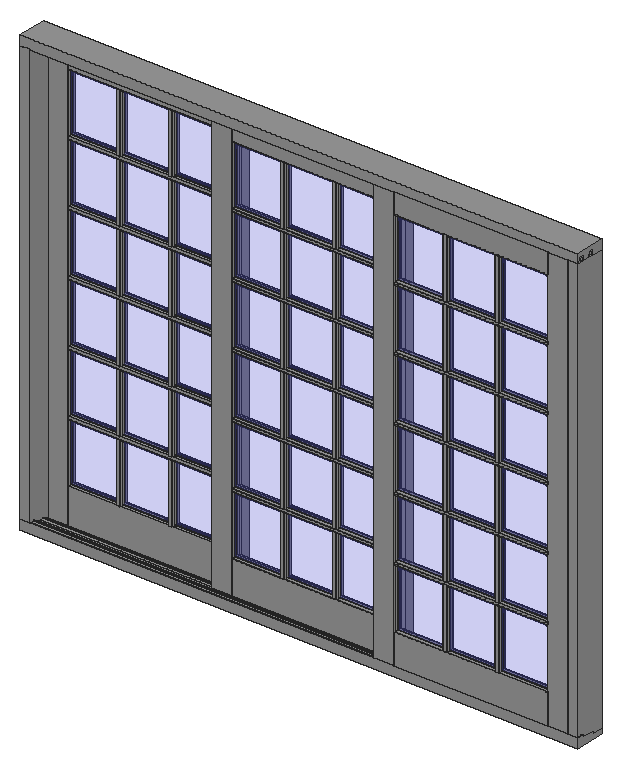
Revit family "VSD2.6SPTS LH", category Doors, host Wall, Revit 2015 (continued)
Automatic sketch dimensions
  host wall to Extrusion 68 sketch curve = 4 mm
  Extrusion 68 sketch curve to Extrusion 68 sketch curve = 1.197 mm
  Extrusion 68 sketch curve to host wall = 26 mm  (x2)
  plane 2 "Center (Left/Right)" to Sweep 69 sketch curve = 117 mm
  Sweep 69 sketch curve to plane 2 "Center (Left/Right)" = 117 mm
  plane 5 to Sweep 69 sketch curve = 141 mm
  Sweep 69 sketch curve to Sweep 69 sketch curve = 284 mm
  Sweep 69 sketch curve to profile plane = 0 mm
  Sweep 69 sketch curve to profile plane = 0.241 mm
  Sweep 69 sketch curve to Sweep 69 sketch curve = 6.759 mm
  Sweep 69 sketch curve to Sweep 69 sketch curve = 2 mm  (x2)
  Sweep 69 sketch curve to profile plane = 132.5 mm
  Sweep 69 sketch curve to Sweep 69 sketch curve = 6 mm
  plane 2 "Center (Left/Right)" to Sweep 70 sketch curve = 364 mm
  plane 2 "Center (Left/Right)" to Sweep 70 sketch curve = 130 mm
  plane 5 to Sweep 70 sketch curve = 141 mm
  Sweep 70 sketch curve to Sweep 70 sketch curve = 284 mm
  Sweep 70 sketch curve to profile plane = 0 mm
  Sweep 70 sketch curve to profile plane = 0.241 mm
  Sweep 70 sketch curve to Sweep 70 sketch curve = 6.759 mm
  Sweep 70 sketch curve to Sweep 70 sketch curve = 2 mm  (x2)
  Sweep 70 sketch curve to profile plane = 132.5 mm
  Sweep 70 sketch curve to Sweep 70 sketch curve = 6 mm
  Sweep 71 sketch curve to plane 2 "Center (Left/Right)" = 130 mm
  Sweep 71 sketch curve to Sweep 71 sketch curve = 234 mm
  plane 5 to Sweep 71 sketch curve = 438 mm
  Sweep 71 sketch curve to Sweep 71 sketch curve = 284 mm
  Sweep 71 sketch curve to profile plane = 0 mm
  Sweep 71 sketch curve to profile plane = 0.241 mm
  Sweep 71 sketch curve to Sweep 71 sketch curve = 6.759 mm
  Sweep 71 sketch curve to Sweep 71 sketch curve = 2 mm  (x2)
  Sweep 71 sketch curve to profile plane = 132.5 mm
  Sweep 71 sketch curve to Sweep 71 sketch curve = 6 mm
  host wall to Extrusion 72 sketch curve = 6 mm  (x3)
  plane 2 "Center (Left/Right)" to Extrusion 72 sketch curve = 139 mm
  Extrusion 72 sketch curve to Extrusion 72 sketch curve = 2 mm  (x9)
  Extrusion 72 sketch curve to Extrusion 72 sketch curve = 6.759 mm  (x4)
  Extrusion 72 sketch curve to Extrusion 72 sketch curve = 0.241 mm  (x6)
  Extrusion 72 sketch curve to Extrusion 72 sketch curve = 13 mm  (x2)
  Extrusion 72 sketch curve to Extrusion 72 sketch curve = 0 mm  (x2)
  Extrusion 72 sketch curve to plane 2 "Center (Left/Right)" = 108 mm
  host wall to Extrusion 72 sketch curve = 5.197 mm  (x4)
  host wall to Extrusion 72 sketch curve = 4 mm
  Extrusion 72 sketch curve to Extrusion 72 sketch curve = 1.197 mm
  Extrusion 72 sketch curve to host wall = 26 mm  (x2)
  plane 2 "Center (Left/Right)" to Sweep 73 sketch curve = 117 mm
  Sweep 73 sketch curve to plane 2 "Center (Left/Right)" = 117 mm
  plane 5 to Sweep 73 sketch curve = 438 mm
  Sweep 73 sketch curve to Sweep 73 sketch curve = 284 mm
  Sweep 73 sketch curve to profile plane = 0 mm
  Sweep 73 sketch curve to profile plane = 0.241 mm
  Sweep 73 sketch curve to Sweep 73 sketch curve = 6.759 mm
  Sweep 73 sketch curve to Sweep 73 sketch curve = 2 mm  (x2)
  Sweep 73 sketch curve to profile plane = 132.5 mm
  Sweep 73 sketch curve to Sweep 73 sketch curve = 6 mm
  plane 2 "Center (Left/Right)" to Sweep 74 sketch curve = 364 mm
  plane 2 "Center (Left/Right)" to Sweep 74 sketch curve = 130 mm
  plane 5 to Sweep 74 sketch curve = 438 mm
  Sweep 74 sketch curve to Sweep 74 sketch curve = 284 mm
  Sweep 74 sketch curve to profile plane = 0 mm
  Sweep 74 sketch curve to profile plane = 0.241 mm
  Sweep 74 sketch curve to Sweep 74 sketch curve = 6.759 mm
  Sweep 74 sketch curve to Sweep 74 sketch curve = 2 mm  (x2)
  Sweep 74 sketch curve to profile plane = 132.5 mm
  Sweep 74 sketch curve to Sweep 74 sketch curve = 6 mm
  Sweep 75 sketch curve to plane 2 "Center (Left/Right)" = 130 mm
  Sweep 75 sketch curve to Sweep 75 sketch curve = 234 mm
  plane 5 to Sweep 75 sketch curve = 735 mm
  Sweep 75 sketch curve to Sweep 75 sketch curve = 284 mm
  Sweep 75 sketch curve to profile plane = 0 mm
  Sweep 75 sketch curve to profile plane = 0.241 mm
  Sweep 75 sketch curve to Sweep 75 sketch curve = 6.759 mm
  Sweep 75 sketch curve to Sweep 75 sketch curve = 2 mm  (x2)
  Sweep 75 sketch curve to profile plane = 132.5 mm
  Sweep 75 sketch curve to Sweep 75 sketch curve = 6 mm
  host wall to Extrusion 76 sketch curve = 6 mm  (x3)
  plane 2 "Center (Left/Right)" to Extrusion 76 sketch curve = 139 mm
  Extrusion 76 sketch curve to Extrusion 76 sketch curve = 2 mm  (x9)
  Extrusion 76 sketch curve to Extrusion 76 sketch curve = 6.759 mm  (x4)
  Extrusion 76 sketch curve to Extrusion 76 sketch curve = 0.241 mm  (x6)
  Extrusion 76 sketch curve to Extrusion 76 sketch curve = 13 mm  (x2)
  Extrusion 76 sketch curve to Extrusion 76 sketch curve = 0 mm  (x2)
  Extrusion 76 sketch curve to plane 2 "Center (Left/Right)" = 108 mm
  host wall to Extrusion 76 sketch curve = 5.197 mm  (x4)
  host wall to Extrusion 76 sketch curve = 4 mm
  Extrusion 76 sketch curve to Extrusion 76 sketch curve = 1.197 mm
  Extrusion 76 sketch curve to host wall = 26 mm  (x2)
  plane 2 "Center (Left/Right)" to Sweep 77 sketch curve = 117 mm
  Sweep 77 sketch curve to plane 2 "Center (Left/Right)" = 117 mm
  plane 5 to Sweep 77 sketch curve = 735 mm
  Sweep 77 sketch curve to Sweep 77 sketch curve = 284 mm
  Sweep 77 sketch curve to profile plane = 0 mm
  Sweep 77 sketch curve to profile plane = 0.241 mm
  Sweep 77 sketch curve to Sweep 77 sketch curve = 6.759 mm
  Sweep 77 sketch curve to Sweep 77 sketch curve = 2 mm  (x2)
  Sweep 77 sketch curve to profile plane = 132.5 mm
  Sweep 77 sketch curve to Sweep 77 sketch curve = 6 mm
  plane 2 "Center (Left/Right)" to Sweep 78 sketch curve = 364 mm
  plane 2 "Center (Left/Right)" to Sweep 78 sketch curve = 130 mm
  plane 5 to Sweep 78 sketch curve = 735 mm
  Sweep 78 sketch curve to Sweep 78 sketch curve = 284 mm
  Sweep 78 sketch curve to profile plane = 0 mm
  Sweep 78 sketch curve to profile plane = 0.241 mm
  Sweep 78 sketch curve to Sweep 78 sketch curve = 6.759 mm
  Sweep 78 sketch curve to Sweep 78 sketch curve = 2 mm  (x2)
  Sweep 78 sketch curve to profile plane = 132.5 mm
  Sweep 78 sketch curve to Sweep 78 sketch curve = 6 mm
  Sweep 79 sketch curve to plane 2 "Center (Left/Right)" = 130 mm
  Sweep 79 sketch curve to Sweep 79 sketch curve = 234 mm
  plane 5 to Sweep 79 sketch curve = 1032 mm
  Sweep 79 sketch curve to Sweep 79 sketch curve = 284 mm
  Sweep 79 sketch curve to profile plane = 0 mm
  Sweep 79 sketch curve to profile plane = 0.241 mm
  Sweep 79 sketch curve to Sweep 79 sketch curve = 6.759 mm
  Sweep 79 sketch curve to Sweep 79 sketch curve = 2 mm  (x2)
  Sweep 79 sketch curve to profile plane = 132.5 mm
  Sweep 79 sketch curve to Sweep 79 sketch curve = 6 mm
  host wall to Extrusion 80 sketch curve = 6 mm  (x3)
  plane 2 "Center (Left/Right)" to Extrusion 80 sketch curve = 139 mm
  Extrusion 80 sketch curve to Extrusion 80 sketch curve = 2 mm  (x9)
  Extrusion 80 sketch curve to Extrusion 80 sketch curve = 6.759 mm  (x4)
  Extrusion 80 sketch curve to Extrusion 80 sketch curve = 0.241 mm  (x6)
  Extrusion 80 sketch curve to Extrusion 80 sketch curve = 13 mm  (x2)
  Extrusion 80 sketch curve to Extrusion 80 sketch curve = 0 mm  (x2)
  Extrusion 80 sketch curve to plane 2 "Center (Left/Right)" = 108 mm
  host wall to Extrusion 80 sketch curve = 5.197 mm  (x4)
  host wall to Extrusion 80 sketch curve = 4 mm
  Extrusion 80 sketch curve to Extrusion 80 sketch curve = 1.197 mm
  Extrusion 80 sketch curve to host wall = 26 mm  (x2)
  plane 2 "Center (Left/Right)" to Sweep 81 sketch curve = 117 mm
  Sweep 81 sketch curve to plane 2 "Center (Left/Right)" = 117 mm
  plane 5 to Sweep 81 sketch curve = 1032 mm
  Sweep 81 sketch curve to Sweep 81 sketch curve = 284 mm
  Sweep 81 sketch curve to profile plane = 0 mm
  Sweep 81 sketch curve to profile plane = 0.241 mm
  Sweep 81 sketch curve to Sweep 81 sketch curve = 6.759 mm
  Sweep 81 sketch curve to Sweep 81 sketch curve = 2 mm  (x2)
  Sweep 81 sketch curve to profile plane = 132.5 mm
  Sweep 81 sketch curve to Sweep 81 sketch curve = 6 mm
  plane 2 "Center (Left/Right)" to Sweep 82 sketch curve = 364 mm
  plane 2 "Center (Left/Right)" to Sweep 82 sketch curve = 130 mm
  plane 5 to Sweep 82 sketch curve = 1032 mm
  Sweep 82 sketch curve to Sweep 82 sketch curve = 284 mm
  Sweep 82 sketch curve to profile plane = 0 mm
  Sweep 82 sketch curve to profile plane = 0.241 mm
  Sweep 82 sketch curve to Sweep 82 sketch curve = 6.759 mm
  Sweep 82 sketch curve to Sweep 82 sketch curve = 2 mm  (x2)
  Sweep 82 sketch curve to profile plane = 132.5 mm
  Sweep 82 sketch curve to Sweep 82 sketch curve = 6 mm
  Sweep 83 sketch curve to plane 2 "Center (Left/Right)" = 130 mm
  Sweep 83 sketch curve to Sweep 83 sketch curve = 234 mm
  level to Sweep 83 sketch curve = 771 mm
  Sweep 83 sketch curve to Sweep 83 sketch curve = 284 mm
  Sweep 83 sketch curve to profile plane = 0 mm
  Sweep 83 sketch curve to profile plane = 0.241 mm
  Sweep 83 sketch curve to Sweep 83 sketch curve = 6.759 mm
  Sweep 83 sketch curve to Sweep 83 sketch curve = 2 mm  (x2)
  Sweep 83 sketch curve to profile plane = 132.5 mm
  Sweep 83 sketch curve to Sweep 83 sketch curve = 6 mm
  host wall to Extrusion 84 sketch curve = 6 mm  (x3)
  plane 2 "Center (Left/Right)" to Extrusion 84 sketch curve = 139 mm
  Extrusion 84 sketch curve to Extrusion 84 sketch curve = 2 mm  (x9)
  Extrusion 84 sketch curve to Extrusion 84 sketch curve = 6.759 mm  (x4)
  Extrusion 84 sketch curve to Extrusion 84 sketch curve = 0.241 mm  (x6)
  Extrusion 84 sketch curve to Extrusion 84 sketch curve = 13 mm  (x2)
  Extrusion 84 sketch curve to Extrusion 84 sketch curve = 0 mm  (x2)
  Extrusion 84 sketch curve to plane 2 "Center (Left/Right)" = 108 mm
  host wall to Extrusion 84 sketch curve = 5.197 mm  (x4)
  host wall to Extrusion 84 sketch curve = 4 mm
  Extrusion 84 sketch curve to Extrusion 84 sketch curve = 1.197 mm
  Extrusion 84 sketch curve to host wall = 26 mm  (x2)
  plane 2 "Center (Left/Right)" to Sweep 85 sketch curve = 117 mm
  Sweep 85 sketch curve to plane 2 "Center (Left/Right)" = 117 mm
  level to Sweep 85 sketch curve = 771 mm
  Sweep 85 sketch curve to Sweep 85 sketch curve = 284 mm
  Sweep 85 sketch curve to profile plane = 0 mm
  Sweep 85 sketch curve to profile plane = 0.241 mm
  Sweep 85 sketch curve to Sweep 85 sketch curve = 6.759 mm
  Sweep 85 sketch curve to Sweep 85 sketch curve = 2 mm  (x2)
  Sweep 85 sketch curve to profile plane = 132.5 mm
  Sweep 85 sketch curve to Sweep 85 sketch curve = 6 mm
  plane 2 "Center (Left/Right)" to Sweep 86 sketch curve = 364 mm
  plane 2 "Center (Left/Right)" to Sweep 86 sketch curve = 130 mm
  level to Sweep 86 sketch curve = 771 mm
  Sweep 86 sketch curve to Sweep 86 sketch curve = 284 mm
  Sweep 86 sketch curve to profile plane = 0 mm
  Sweep 86 sketch curve to profile plane = 0.241 mm
  Sweep 86 sketch curve to Sweep 86 sketch curve = 6.759 mm
  Sweep 86 sketch curve to Sweep 86 sketch curve = 2 mm  (x2)
  Sweep 86 sketch curve to profile plane = 132.5 mm
  Sweep 86 sketch curve to Sweep 86 sketch curve = 6 mm
  Sweep 87 sketch curve to plane 2 "Center (Left/Right)" = 130 mm
  Sweep 87 sketch curve to Sweep 87 sketch curve = 234 mm
  level to Sweep 87 sketch curve = 474 mm
  level to Sweep 87 sketch curve = 190 mm
  Sweep 87 sketch curve to profile plane = 0 mm
  Sweep 87 sketch curve to profile plane = 0.241 mm
  Sweep 87 sketch curve to Sweep 87 sketch curve = 6.759 mm
  Sweep 87 sketch curve to Sweep 87 sketch curve = 2 mm  (x2)
  Sweep 87 sketch curve to profile plane = 132.5 mm
  Sweep 87 sketch curve to Sweep 87 sketch curve = 6 mm
  host wall to Extrusion 88 sketch curve = 6 mm  (x3)
  plane 2 "Center (Left/Right)" to Extrusion 88 sketch curve = 139 mm
  Extrusion 88 sketch curve to Extrusion 88 sketch curve = 2 mm  (x9)
  Extrusion 88 sketch curve to Extrusion 88 sketch curve = 6.759 mm  (x4)
  Extrusion 88 sketch curve to Extrusion 88 sketch curve = 0.241 mm  (x6)
  Extrusion 88 sketch curve to Extrusion 88 sketch curve = 13 mm  (x2)
  Extrusion 88 sketch curve to Extrusion 88 sketch curve = 0 mm  (x2)
  Extrusion 88 sketch curve to plane 2 "Center (Left/Right)" = 108 mm
  host wall to Extrusion 88 sketch curve = 5.197 mm  (x4)
  host wall to Extrusion 88 sketch curve = 4 mm
  Extrusion 88 sketch curve to Extrusion 88 sketch curve = 1.197 mm
  Extrusion 88 sketch curve to host wall = 26 mm  (x2)
  plane 2 "Center (Left/Right)" to Sweep 89 sketch curve = 117 mm
  Sweep 89 sketch curve to plane 2 "Center (Left/Right)" = 117 mm
  level to Sweep 89 sketch curve = 474 mm
  level to Sweep 89 sketch curve = 190 mm
  Sweep 89 sketch curve to profile plane = 0 mm
  Sweep 89 sketch curve to profile plane = 0.241 mm
  Sweep 89 sketch curve to Sweep 89 sketch curve = 6.759 mm
  Sweep 89 sketch curve to Sweep 89 sketch curve = 2 mm  (x2)
  Sweep 89 sketch curve to profile plane = 132.5 mm
  Sweep 89 sketch curve to Sweep 89 sketch curve = 6 mm
  plane 2 "Center (Left/Right)" to Sweep 90 sketch curve = 364 mm
  plane 2 "Center (Left/Right)" to Sweep 90 sketch curve = 130 mm
  level to Sweep 90 sketch curve = 474 mm
  level to Sweep 90 sketch curve = 190 mm
  Sweep 90 sketch curve to profile plane = 0 mm
  Sweep 90 sketch curve to profile plane = 0.241 mm
  Sweep 90 sketch curve to Sweep 90 sketch curve = 6.759 mm
  Sweep 90 sketch curve to Sweep 90 sketch curve = 2 mm  (x2)
  Sweep 90 sketch curve to profile plane = 132.5 mm
  Sweep 90 sketch curve to Sweep 90 sketch curve = 6 mm
